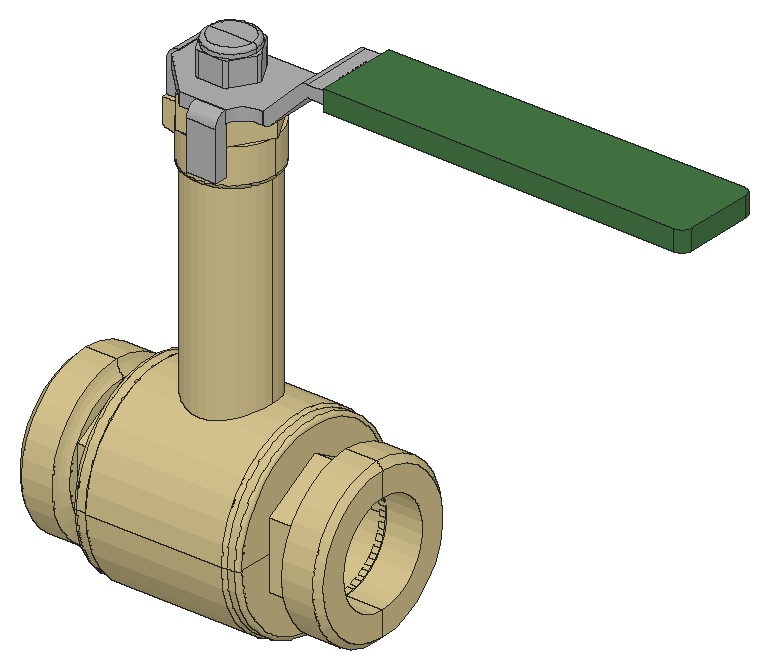
Revit family "QD24270000", category Apparecchi idraulici, Revit 2016
Family settings
  Tipo di parte = Normale
  Quota connettore circolare = Usa diametro
  Numero OmniClass = 23.45.00.00
  Titolo OmniClass = Sanitary, Laundry, and Cleaning Equipment
  Basato su piano di lavoro = No
  Sempre verticale = Sì
  Taglio con vuoti quando caricato = No
  Condiviso = No
  Punto di calcolo locali = No
Parameters
  URL = "https://web.cimberio.it/index.php/figura/1725?subcategoria_id=102"
  Produttore = "CIMBERIO SPA"
  DN Model [instance] = QD24275028 : QD24275028
  DN [instance] = 25 mm
Reference planes
  plane 1 "Centro (Fronte/Retro)": y = 0
  plane 2: z = 0
  plane 3 "Centro (Sinistra/Destra)": x = 0
Dimensions and locks
  aligned and locked: level to plane 2
Nested families
  nested 1: "QD24275028" at (0, 0, 0), type <- "DN Model", type "QD24275028"
    with DN 10 mm
  nested 2: "QD24275028" at (0, 0, 0), type <- "DN Model", type "QD24275028"
    with DN 10 mm
  nested 3: "QD24275028" at (0, 0, 0), type <- "DN Model", type "QD24275028"
    with DN 10 mm
  nested 4: "QD24275028" at (0, 0, 0), type <- "DN Model", type "QD24275028"
    with DN 10 mm
  nested 5: "QD24275028" at (0, 0, 0), type <- "DN Model", type "QD24275028"
    with DN 10 mm
  nested 6: "QD24275028" at (0, 0, 0), type <- "DN Model", type "QD24275028"
    with DN 10 mm
Connectors
  piping at (37.6, 0, 0), diameter 25, driven by "DN"
    settings: on nested 1, index 1, connector inside diameter 609.6 mm, connector length 0 mm, flow factor 0, pipe flow 0.0 L/s, pressure drop 0.0 Pa, fitting loss kfactor 0, connector angle 0.00°, fixture units 0, engagement length 0 mm, angle of deflection 0.00°, flow configuration 0, flow direction 0, fitting loss method 0, system type 7, joint type 0, gender type 0, connector reference index -1, connector utility 0, adjustable connector no, is connector primary yes, connector description ""
  piping at (-37.6, 0, 0), diameter 25, driven by "DN"
    settings: on nested 1, index 2, connector inside diameter 609.6 mm, connector length 0 mm, flow factor 0, pipe flow 0.0 L/s, pressure drop 0.0 Pa, fitting loss kfactor 0, connector angle 0.00°, fixture units 0, engagement length 0 mm, angle of deflection 0.00°, flow configuration 0, flow direction 0, fitting loss method 0, system type 7, joint type 0, gender type 0, connector reference index -1, connector utility 0, adjustable connector no, is connector primary no, connector description ""
Definition of nested family "QD24275028"
  Parameters (values of type "QD24275028")
    DN [instance] = 10 mm  # constant formula
  Reference planes
    plane 1 "Centro (Fronte/Retro)": y = 0
    plane 2: z = 0
    plane 3 "Centro (Sinistra/Destra)": x = 0
  Forms (mm)
    Revolve 1, solid
      sketch origin (0, 0, 0) x (1, 0, 0) y (0, 1, 0)
        loop
          arc (-19.6, 23.5) -> (-20.307, 23.207) -> (-20.6, 22.5) r 1
          line (-20.6, 22.5) -> (-20.6, 12.5) -> (20.6, 12.5) -> (20.6, 22.5)
          arc (20.6, 22.5) -> (20.307, 23.207) -> (19.6, 23.5) r 1
          line (19.6, 23.5) -> (17.6, 23.5) -> (16.702, 24) -> (-16.886, 24) -> (-17.6, 23.5) -> (-19.6, 23.5)
        axis (-20.6, 0) -> (20.6, 0)
      angle from 0 to 360
    Revolve 2, solid
      sketch origin (0, 0, 14.4) x (1, 0, 0) y (0, 0, 1)
        loop
          line (0, 69) -> (0, 5.656) -> (10.25, 5.656) -> (10.25, 59.6)
          arc (10.25, 59.6) -> (10.783, 59.851) -> (11, 60.398) r 0.8
          line (11, 60.398) -> (11, 69) -> (0, 69)
        axis (0, 69) -> (0, 5.656)
      angle from 0 to 360
    Extrusion 3, solid
      sketch origin (0, 0, 14.4) x (1, 0, 0) y (0, 0, 1)
        loop
          line (-16, 69) -> (-16, 63.367)
          arc (-16, 63.367) -> (-15.794, 62.76) -> (-15.261, 62.402) r 1
          line (-15.261, 62.402) -> (-9.887, 60.962) -> (-9.887, 69) -> (-16, 69)
      from 0 to 1.289
    Extrusion 4, solid
      sketch origin (0, 0, 42.95) x (1, 0, 0) y (0, 1, 0)
        loop
          line (5.774, 10) -> (-5.774, 10) -> (-11.547, 0) -> (-5.774, -10) -> (5.774, -10) -> (11.547, 0) -> (5.774, 10)
      from 40.45 to 48.35
    Extrusion 5, solid
      sketch origin (0, 0, 42.95) x (1, 0, 0) y (0, 1, 0)
        loop
          line (-13, -2.3) -> (-2.3, -13) -> (9.101, -13)
          arc (9.101, -13) -> (11.246, -9.815) -> (15, -9.01) r 5.131
          line (15, -9.01) -> (15, 9) -> (-13, 9) -> (-13, -2.3)
      from 48.35 to 51.35
    Extrusion 6, solid
      sketch origin (-1.801, 0, 14.4) x (1, 0, 0) y (0, 0, 1)
        loop
          arc (-11.185, 79.9) -> (-13.316, 79.026) -> (-14.2, 76.899) r 3.001
          line (-14.2, 76.899) -> (-14.2, 65.398) -> (-11.185, 65.398) -> (-11.185, 79.9)
      from -9.01 to 0
    Extrusion 7, solid
      sketch origin (-11, -1.801, 14.4) x (0, 0, 1) y (0, 1, 0)
        loop
          line (79.9, -11.199) -> (64.9, -11.199) -> (64.9, -14.199) -> (76.9, -14.199)
          arc (76.9, -14.199) -> (79.021, -13.32) -> (79.9, -11.199) r 3
      from -20 to -12.7
    Revolve 8, solid
      sketch origin (0, 0, 14.4) x (1, 0, 0) y (0, 0, 1)
        loop
          line (0, 87.9) -> (0, 85.9) -> (6.25, 85.9) -> (6.25, 86.9)
          arc (6.25, 86.9) -> (5.957, 87.607) -> (5.25, 87.9) r 1
          line (5.25, 87.9) -> (0, 87.9)
        axis (0, 87.9) -> (0, 85.9)
      angle from 0 to 360
    Extrusion 9, solid
      sketch origin (0, 0, 42.95) x (0.978164, 0.207834, 0) y (-0.207834, 0.978164, 0)
        loop
          line (-2.837, 6.559) -> (-6.849, 2.103)
          arc (-6.849, 2.103) -> (-7.147, 1.519) -> (-7.112, 0.865) r 1.266
          line (-7.112, 0.865) -> (-5.258, -4.841)
          arc (-5.258, -4.841) -> (-4.882, -5.422) -> (-4.265, -5.736) r 1.336
          line (-4.265, -5.736) -> (1.577, -6.978)
          arc (1.577, -6.978) -> (2.256, -6.942) -> (2.825, -6.572) r 1.312
          line (2.825, -6.572) -> (6.834, -2.119)
          arc (6.834, -2.119) -> (7.141, -1.518) -> (7.106, -0.844) r 1.304
          line (7.106, -0.844) -> (5.258, 4.844)
          arc (5.258, 4.844) -> (4.882, 5.422) -> (4.267, 5.735) r 1.333
          line (4.267, 5.735) -> (-1.56, 6.974)
          arc (-1.56, 6.974) -> (-2.254, 6.937) -> (-2.837, 6.559) r 1.343
      from 51.35 to 57.35
    Extrusion 10, solid
      sketch origin (0, 0, 14.4) x (1, 0, 0) y (0, 0, 1)
        loop
          line (15, 79.9) -> (15, 76.9)
          arc (15, 76.9) -> (16.148, 77.128) -> (17.121, 77.779) r 3
          line (17.121, 77.779) -> (26.243, 86.9) -> (31.003, 86.9) -> (31.003, 89.9) -> (26.243, 89.9)
          arc (26.243, 89.9) -> (25.095, 89.672) -> (24.121, 89.021) r 3
          line (24.121, 89.021) -> (15, 79.9)
      from -9 to 9.01
    Extrusion 11, solid
      sketch origin (0, 0, 42.95) x (1, 0, 0) y (0, 1, 0)
        loop
          arc (120.997, 8.246) -> (120.26, 10.026) -> (118.48, 10.763) r 2.517
          line (118.48, 10.763) -> (31.003, 10) -> (31.003, -10) -> (118.48, -10.763)
          arc (118.48, -10.763) -> (120.259, -10.037) -> (120.997, -8.263) r 2.5
          line (120.997, -8.263) -> (120.997, 8.246)
      from 57.35 to 62.35
    Extrusion 12, solid
      sketch origin (-11, 0, 0) x (0, 0, 1) y (0, 1, 0)
        loop
          circle (0, 0) r 12.5
        loop
          line (16.5, 0) -> (8.25, 14.289) -> (-8.25, 14.289) -> (-16.5, 0) -> (-8.25, -14.289) -> (8.25, -14.289) -> (16.5, 0)
      from 9.6 to 17.409
    Revolve 13, solid
      sketch origin (0, 0, 0) x (1, 0, 0) y (0, 0, 1)
        loop
          line (-37.6, 12.5) -> (-26.833, 12.5) -> (-26.833, 16.5)
          arc (-26.833, 16.5) -> (-27.888, 18.145) -> (-28.499, 20) r 7.772
          line (-28.499, 20) -> (-36.1, 20) -> (-37.6, 18.5) -> (-37.6, 12.5)
        axis (-37.6, 0) -> (-26.833, 0)
      angle from 0 to 360
    Extrusion 14, solid
      sketch origin (11, 0, 0) x (0, 0, 1) y (0, -1, 0)
        loop
          circle (0, 0) r 12.5
        loop
          line (16.5, 0) -> (8.25, 14.289) -> (-8.25, 14.289) -> (-16.5, 0) -> (-8.25, -14.289) -> (8.25, -14.289) -> (16.5, 0)
      from 9.6 to 17.409
    Revolve 15, solid
      sketch origin (0, 0, 0) x (-1, 0, 0) y (0, 0, -1)
        loop
          line (-37.6, -12.5) -> (-37.6, -18.5) -> (-36.1, -20) -> (-28.499, -20)
          arc (-28.499, -20) -> (-27.888, -18.145) -> (-26.833, -16.5) r 7.772
          line (-26.833, -16.5) -> (-26.833, -12.5) -> (-37.6, -12.5)
        axis (-37.6, 0) -> (-26.833, 0)
      angle from 0 to 360
  Dimensions and locks
    aligned and locked: level to plane 2
